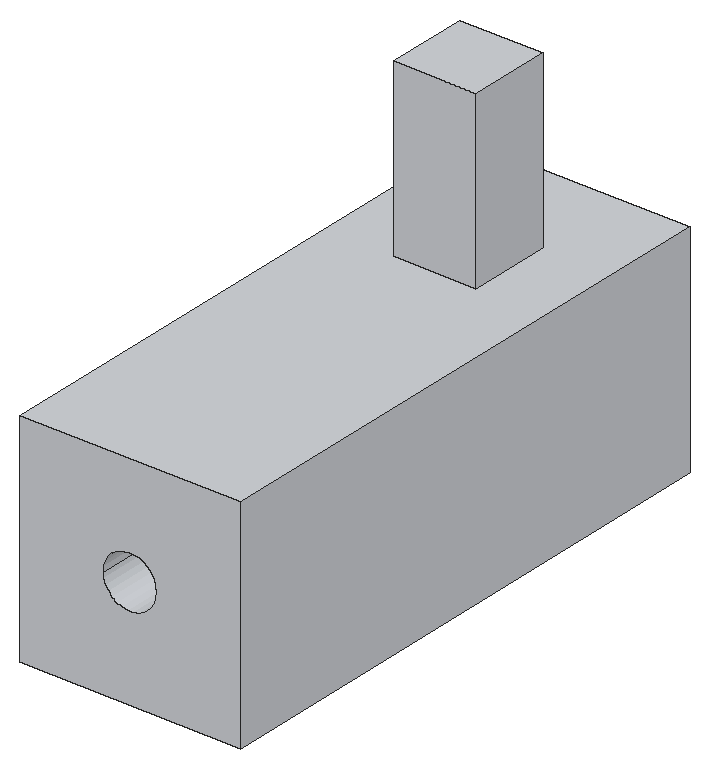
Revit family "AX8221_0010", category Appareils sanitaires, Revit 2016
Family settings
  Hôte = Mur
  Type d'élément = Normal
  Cote de connecteur circulaire = Utiliser le diamètre
  Numéro OmniClass = 23.75.00.00
  Titre OmniClass = Climate Control (HVAC)
  Toujours verticalement = Oui
  Couper avec des vides une fois chargée = Non
  Partagée = Non
  Point de calcul de pièce = Non
Parameters (values of type "Type 1")
  URL = "http://www.axeuro.com/fr/pateres-et-porte-manteaux/23911-patere-ax8221.html?search_query=ax8221&results=1"
  Type de produit / Type of product = "Patère / Hook"  # constant formula
  Référence / Reference = "AX8221"  # constant formula
  Model = ""
  Manufacturer = ""
  Entreprise / Company = "Axeuro"  # constant formula
  Description = ""
Reference planes
  plane 1 "Mur": y = 0
  plane 2 "Centre (gauche/droite)": x = 0
  plane 3 "Arrière": y = 75
Forms (mm)
  Extrusion 1, solid
    sketch origin (388.611, 75, 0) x (1, 0, 0) y (0, 0, 1)
      loop
        line (-380.761, 759.926) -> (-396.461, 759.926) -> (-396.461, 744.226) -> (-380.761, 744.226) -> (-380.761, 759.926)
    from -40 to 0
  Extrusion 2, solid
    sketch origin (-43.629, -47.337, 0) x (1, 0, 0) y (0, 1, 0)
      loop
        line (40.679, 155.352) -> (40.679, 149.452) -> (46.579, 149.452) -> (46.579, 155.352) -> (40.679, 155.352)
    from 759.926 to 772.384
  Extrusion 3, void
    sketch origin (0, 0, -1.356) x (1, 0, 0) y (0, 0, 1)
      loop
        circle (0, 753.432) r 1.9
    from -82.417 to -75
Cuts and joins
  Extrusion 3 cuts Extrusion 1
Lines and regions (mm)
  reference lines
    curve 1: line (32.566, -75, 0) -> (32.566, -87.275, 0)
    curve 2: line (32.566, -87.275, 0) -> (45.799, -87.275, 0)
Text (mm)
  text "Côté de la mise en place" at (-1820.995, 1116.779, 0), in view "Niveau de réf."
  text "Côté de la mise en place" at (0, 1334.055, 2976.191), in view "Gauche"
  text "Côté de la mise en place" at (0, 439.194, 2944.362), in view "Droite"
Dimensions and locks
  locked: plane 3 "Arrière" to host wall
  aligned and locked: plane 1 "Mur" to host wall
